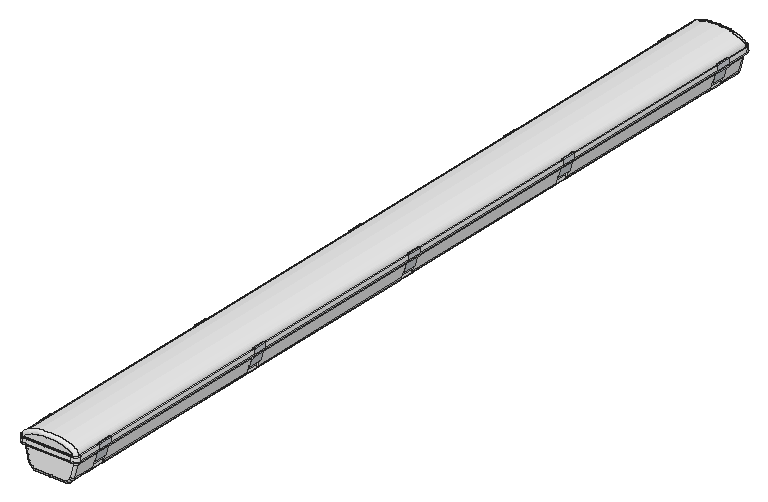
Revit family "0048753 Feilo Sylvania Lighting Fixture SYLPRF SUP LED G3 1500MM T 4K QC D", category Lighting Fixtures, host Face, Revit 2017
Family settings
  Host = Face
  Round Connector Dimension = Use Diameter
  Part Type = Normal
  OmniClass Number = 23.80.70.11.14
  OmniClass Title = General Luminaries, Directional
  Cut with Voids When Loaded = Yes
  Light Source = Yes
  Shared = No
  Room Calculation Point = No
Parameters
  Width = 110 mm
  Weight = "2.48 kg"
  Wattage Comments = "n/a"
  Wattage = 47 W
  WarrantyStartDate [instance] = "n/a"
  WarrantyGuarantorParts = "n/a"
  WarrantyDurationUnit = "n/a"
  WarrantyDurationParts = "n/a"
  WarrantyDescription = "n/a"
  built-in parameter 1150110 = 1 (stored number, unit not read)
  Voltage = 230 V
  URL = "http://www.sylvania-lighting.com"
  TypeName = "SYLPRF SUP LED G3 1500MM T 4K QC D"
  Type Image = <None>
  Type Comments = "n/a"
  built-in parameter 1114217 = 1 (stored number, unit not read)
  Tilt Angle = -90.00°
  built-in parameter 1150109 = 1 (stored number, unit not read)
  built-in parameter 1150134 = 12
  built-in parameter 1150113 = 1 (stored number, unit not read)
  SerialNumber [instance] = "n/a"
  ReflectorMaterial = none
  PowerFactor = 0
  PowerConsumption = "47 W"
  Photometric Web File = "0048753-C.ies"
  NominalWidth = 0 mm
  NominalLength = 1578 mm
  NominalHeight = 78 mm
  Name = "SYLPRF SUP LED G3 1500MM T 4K QC D"
  ModelReference = "SYLPRF SUP LED G3 1500MM T 4K QC D"
  ModelNumber = "0048753"
  Model = "SYLPRF SUP LED G3 1500MM T 4K QC D"
  Material = "polycarbonate housing, polycarbonate diffuser"
  ManufacturerName = "Feilo Sylvania"
  Manufacturer = "Feilo Sylvania"
  LuminousEfficacy = "145 lm/W"
  built-in parameter 1150105 = 542.32 (stored number, unit not read)
  Lumens = 6815 lm
  LuminaireType = "Weatherproof"
  built-in parameter 1150115 = 1 (stored number, unit not read)
  LightOutputRatio = "n/a"
  built-in parameter 1150137 = (empty or 0)
  built-in parameter 1150139 = (empty or 0)
  Length = 1572 mm
  LampsType = Lamp  # "LED"
  LampNominalLuminous = "6800 lm"
  LampMacAdamStep = "3"
  LampColourTemperature = "4000 K"
  LampColourRenderingIndex = "80"
  built-in parameter 1150112 = 1 (stored number, unit not read)
  built-in parameter 1150114 = 1 (stored number, unit not read)
  Lamp = "LED"
  Keynote = "16500"
  InstallationDate [instance] = "n/a"
  InputVoltage = "220-240V~"
  InputNominalFrequency = "DC/50/60 Hz"
  built-in parameter 1150132 = (empty or 0)
  built-in parameter 1150102 = (empty or 0)
  built-in parameter 1150107 = 4000 (stored number, unit not read)
  built-in parameter 1150138 = (empty or 0)
  IngressProtection = "IP65"
  ImpactProtectionIndex = "IK08"
  built-in parameter 1150106 = 5.4232 (stored number, unit not read)
  IfcExportType = "IfcLightFixtureType"
  IfcExportAs = "IfcLightFixtureType"
  ExpectedLife = 50000
  Emit from Rectangle Width = Width - 20 mm  # 90 mm
  Emit from Rectangle Length = Length - 20 mm  # 1552 mm
  Emit Shape Visible in Rendering = no
  ElectricShockClassification = "Class I"
  built-in parameter 1150104 = 13.471 (stored number, unit not read)
  DurationUnit = "hours"
  DocumentationLiterature = "http://www.sylvania-lighting.com/product/en-int/products/0048753"
  DimmingControlOptions = "Dimmable"
  Dimming Lamp Color Temperature Shift = <None>
  DiffuserMaterial = Diffuser-Sylvania-Transparent
  Description = ""
  Default Elevation = 1219.2 mm
  CreatedOn = "11/9/2017"
  CreatedBy = ""
  Cost = 0
  Color Filter = 16777215
  built-in parameter 1114216 [instance] = (empty or 0)
  ClassificationValue = "EF_70_80"
  ClassificationName = "Uniclass2015"
  BodyMaterial = Body-Sylvania-Gray
  BarCode [instance] = "n/a"
  built-in parameter 1114218 = 1 (stored number, unit not read)
  built-in parameter 1150133 = 10 (stored number, unit not read)
  AssetType = "Fixed"
  AssetIdentifier [instance] = "n/a"
  Assembly Code = "D5020200"
  Apparent Load = 47 VA
  AccessoryMaterial = Diffuser-Sylvania-Glow
Reference planes
  plane 1 "Center (Front/Back)": y = 0
  plane 2: z = 0
  plane 3 "Center (Left/Right)": x = 0
  plane 4: z = 54
  plane 5: x = -27.7
  plane 6: x = -34.8
  plane 7: x = -39.6
  plane 8: x = -42.2
  plane 9: z = 3
  plane 10: z = 7.8
  plane 11: z = 12.3
  plane 12: z = 36.6
  plane 13: z = 42.8
  plane 14: x = -51.1
  plane 15: z = 46.2
  plane 16: x = -55
  plane 17: y = 786
  plane 18: y = -786
  plane 19: x = 27.7
  plane 20: x = 34.8
  plane 21: x = 39.6
  plane 22: x = 42.2
  plane 23: x = 51.1
  plane 24: x = 55
  plane 25: y = 778.4
  plane 26: y = -778.4
  plane 27: y = -774.7
  plane 28: y = 774.7
  plane 29: z = 74
  plane 30: x = -51.5
  plane 31: x = 51.5
  plane 32: z = 55.2
  plane 33: y = -782.5
  plane 34: y = 782.5
  plane 35: x = -37.5
  plane 36: x = 37.5
  plane 37: x = -48.7
  plane 38: x = 48.7
  plane 39: x = 18
  plane 40: x = -18
  plane 41: z = 50.2
  plane 42: z = 24.6
  plane 43: y = 720
  plane 44: y = 706
  plane 45: y = 734
  plane 46: y = -720
  plane 47: y = 720
  plane 48: y = 706
  plane 49: y = 734
  plane 50: y = -720
  plane 51: y = -734
  plane 52: y = -706
  plane 53: y = 360
  plane 54: y = 346
  plane 55: y = 374
  plane 56: y = 0
  plane 57: y = -14
  plane 58: y = 14
  plane 59: y = -360
  plane 60: y = -374
  plane 61: y = -346
Forms (mm)
  Sweep 1, solid, material "Body-Sylvania-Gray" <- "BodyMaterial", detail levels medium+fine
    path origin (1223.4, -4572, 54) x (0, -1, 0) y (1, 0, 0)
      loop
        arc (-3796, -1278.4) -> (-3788.929, -1275.471) -> (-3786, -1268.4) r 10
        line (-3786, -1268.4) -> (-3786, -1178.4)
        arc (-3786, -1178.4) -> (-3788.929, -1171.329) -> (-3796, -1168.4) r 10
        line (-3796, -1168.4) -> (-5348, -1168.4)
        arc (-5348, -1168.4) -> (-5355.071, -1171.329) -> (-5358, -1178.4) r 10
        line (-5358, -1178.4) -> (-5358, -1268.4)
        arc (-5358, -1268.4) -> (-5355.071, -1275.471) -> (-5348, -1278.4) r 10
        line (-5348, -1278.4) -> (-3796, -1278.4)
    profile origin (-55, 0, 54) x (-1, 0, 0) y (0, 0, 1)
      loop
        line (0, 0) -> (-1, 0) -> (-1, -7.726)
        arc (-1, -7.726) -> (-1.994, -9.498) -> (-3.9, -10.2) r 2.937
        line (-3.9, -10.2) -> (-8.571, -10.2) -> (-8.571, -11.2) -> (-3.9, -11.2)
        arc (-3.9, -11.2) -> (-1.313, -10.231) -> (0, -7.8) r 3.937
        line (0, -7.8) -> (0, 0)
  Sweep 2, solid, material "Body-Sylvania-Gray" <- "BodyMaterial", detail levels medium+fine
    path origin (0, 0, 0) x (1, 0, 0) y (0, 0, 1)
      loop
        line (48.7, 42.8) -> (48.7, 36.6) -> (42.203, 12.31)
        arc (42.203, 12.31) -> (41.199, 9.884) -> (39.6, 7.8) r 10.052
        line (39.6, 7.8) -> (34.8, 3)
        arc (34.8, 3) -> (31.554, 0.781) -> (27.7, 0) r 9.902
        line (27.7, 0) -> (0, 0) -> (-27.7, 0)
        arc (-27.7, 0) -> (-31.554, 0.781) -> (-34.8, 3) r 9.902
        line (-34.8, 3) -> (-39.6, 7.8)
        arc (-39.6, 7.8) -> (-41.199, 9.884) -> (-42.203, 12.31) r 10.052
        line (-42.203, 12.31) -> (-48.7, 36.6) -> (-48.7, 42.8)
    profile origin (0, 0, 0) x (0, 0, -1) y (0, -1, 0)
      loop
        arc (0, 773.4) -> (-1.464, 776.936) -> (-5, 778.4) r 5
        line (-5, 778.4) -> (-7.8, 778.4) -> (-7.8, -778.4) -> (-5, -778.4)
        arc (-5, -778.4) -> (-1.464, -776.936) -> (0, -773.4) r 5
        line (0, -773.4) -> (0, 773.4)
  Extrusion 3, solid, material "Body-Sylvania-Gray" <- "BodyMaterial", detail levels medium+fine
    sketch origin (1524, 778.4, 1219.2) x (1, 0, 0) y (0, 0, 1)
      loop
        arc (-1558.668, -1204.874) -> (-1558.443, -1205.418) -> (-1558.085, -1205.885) r 2.252
        line (-1558.085, -1205.885) -> (-1553.231, -1210.738)
        arc (-1553.231, -1210.738) -> (-1552.534, -1211.227) -> (-1551.7, -1211.4) r 2.102
        line (-1551.7, -1211.4) -> (-1496.3, -1211.4)
        arc (-1496.3, -1211.4) -> (-1495.466, -1211.227) -> (-1494.769, -1210.738) r 2.102
        line (-1494.769, -1210.738) -> (-1489.915, -1205.885)
        arc (-1489.915, -1205.885) -> (-1489.557, -1205.418) -> (-1489.332, -1204.874) r 2.252
        line (-1489.332, -1204.874) -> (-1483.1, -1181.575) -> (-1483.1, -1176.4) -> (-1564.9, -1176.4) -> (-1564.9, -1181.575) -> (-1558.668, -1204.874)
    from 0 to 1556.8
  Sweep 4, solid, material "Diffuser-Sylvania-Transparent" <- "DiffuserMaterial", detail levels medium+fine
    path origin (0, 0, 0) x (1, 0, 0) y (0, 0, 1)
      loop
        spline (-51.5, 55.2) -> (-49.745, 60.066) -> (-44.6, 64.6) -> (-36.416, 68.494) -> (-25.75, 71.481) -> (-13.329, 73.359) -> (0, 74) -> (13.329, 73.359) -> (25.75, 71.481) -> (36.416, 68.494) -> (44.6, 64.6) -> (49.745, 60.066) -> (51.5, 55.2)
    profile origin (51.5, 0, 55.2) x (0, -1, 0) y (1, 0, 0)
      loop
        arc (782.5, -5.5) -> (780.889, -1.611) -> (777, 0) r 5.5
        line (777, 0) -> (-777, 0)
        arc (-777, 0) -> (-780.889, -1.611) -> (-782.5, -5.5) r 5.5
        line (-782.5, -5.5) -> (-782.5, -6.3) -> (-781.5, -6.3) -> (-781.5, -5.5)
        arc (-781.5, -5.5) -> (-780.182, -2.318) -> (-777, -1) r 4.5
        line (-777, -1) -> (777, -1)
        arc (777, -1) -> (780.182, -2.318) -> (781.5, -5.5) r 4.5
        line (781.5, -5.5) -> (781.5, -6.347) -> (782.5, -6.347) -> (782.5, -5.5)
  Extrusion 5, solid, material "Diffuser-Sylvania-Transparent" <- "DiffuserMaterial", detail levels medium+fine
    sketch origin (1524, -782.5, 1219.2) x (1, 0, 0) y (0, 0, 1)
      loop
        line (-1569.653, -1164) -> (-1478.347, -1164)
        spline (-1478.347, -1164) -> (-1478.969, -1162.594) -> (-1482.527, -1159.545) -> (-1489.588, -1156.201) -> (-1499.458, -1153.445) -> (-1511.242, -1151.663) -> (-1524, -1151.049) -> (-1536.758, -1151.663) -> (-1548.542, -1153.445) -> (-1558.412, -1156.201) -> (-1565.473, -1159.545) -> (-1569.031, -1162.594) -> (-1569.653, -1164)
    from 0 to -1
  Extrusion 6, solid, material "Diffuser-Sylvania-Transparent" <- "DiffuserMaterial", detail levels medium+fine
    sketch origin (1524, 782.5, 1219.2) x (1, 0, 0) y (0, 0, 1)
      loop
        spline (-1478.3, -1164) -> (-1478.931, -1162.565) -> (-1482.502, -1159.505) -> (-1489.572, -1156.155) -> (-1499.446, -1153.394) -> (-1511.236, -1151.614) -> (-1524, -1151.007) -> (-1536.764, -1151.614) -> (-1548.554, -1153.394) -> (-1558.428, -1156.155) -> (-1565.498, -1159.505) -> (-1569.069, -1162.565) -> (-1569.7, -1164)
        line (-1569.7, -1164) -> (-1478.3, -1164)
    from 0 to 1
  Extrusion 7, solid, material "Diffuser-Sylvania-Transparent" <- "DiffuserMaterial", detail levels medium+fine
    sketch origin (1223.4, -4572, 55.2) x (0, -1, 0) y (-1, 0, 0)
      loop
        arc (-5353.5, 1177.4) -> (-5352.182, 1174.218) -> (-5349, 1172.9) r 4.5
        line (-5349, 1172.9) -> (-3795, 1172.9)
        arc (-3795, 1172.9) -> (-3791.818, 1174.218) -> (-3790.5, 1177.4) r 4.5
        line (-3790.5, 1177.4) -> (-3790.5, 1269.4)
        arc (-3790.5, 1269.4) -> (-3791.818, 1272.582) -> (-3795, 1273.9) r 4.5
        line (-3795, 1273.9) -> (-5349, 1273.9)
        arc (-5349, 1273.9) -> (-5352.182, 1272.582) -> (-5353.5, 1269.4) r 4.5
        line (-5353.5, 1269.4) -> (-5353.5, 1177.4)
      loop
        line (-5358, 1268.4) -> (-5358, 1178.4)
        arc (-5358, 1178.4) -> (-5355.071, 1171.329) -> (-5348, 1168.4) r 10
        line (-5348, 1168.4) -> (-3796, 1168.4)
        arc (-3796, 1168.4) -> (-3788.929, 1171.329) -> (-3786, 1178.4) r 10
        line (-3786, 1178.4) -> (-3786, 1268.4)
        arc (-3786, 1268.4) -> (-3788.929, 1275.471) -> (-3796, 1278.4) r 10
        line (-3796, 1278.4) -> (-5348, 1278.4)
        arc (-5348, 1278.4) -> (-5355.071, 1275.471) -> (-5358, 1268.4) r 10
    from 0 to 1.2
  Extrusion 8, solid, material "Diffuser-Sylvania-Glow" <- "AccessoryMaterial", detail levels fine
    sketch origin (0, 0, 0) x (1, 0, 0) y (0, 0, 1)
      loop
        circle (-18, 50.2) r 8
      loop
        circle (18, 50.2) r 8
    from -774.7 to 774.7
  Extrusion 9, void
    sketch origin (0, 720, 2343.807) x (0, 0, -1) y (-1, 0, 0)
      loop
        line (2340.807, -37.5) -> (2331.507, -37.5) -> (2319.207, -42.2) -> (2319.207, -48.7) -> (2340.807, -48.7) -> (2340.807, -37.5)
      loop
        line (2340.807, 37.5) -> (2340.807, 48.7) -> (2319.207, 48.7) -> (2319.207, 42.2) -> (2331.507, 37.5) -> (2340.807, 37.5)
    from -14 to 14
  Extrusion 10, solid, material "Body-Sylvania-Gray" <- "BodyMaterial", detail levels coarse
    sketch origin (0, 0, 0) x (1, 0, 0) y (0, 0, 1)
      loop
        line (55, 42.8) -> (55, 55.2) -> (-55, 55.2) -> (-55, 42.791) -> (-42.2, 0) -> (42.2, 0) -> (55, 42.8)
    from -786 to 786
  Extrusion 11, solid, material "Diffuser-Sylvania-Transparent" <- "DiffuserMaterial", detail levels coarse
    sketch origin (0, 0, 0) x (1, 0, 0) y (0, 0, 1)
      loop
        arc (51.5, 55.2) -> (0, 74) -> (-51.5, 55.2) r 79.939
        line (-51.5, 55.2) -> (51.5, 55.2)
    from 778.4 to -778.4
  Extrusion 12, void, not visible
    sketch origin (0, 720, 2343.807) x (0, 0, -1) y (-1, 0, 0)
      loop
        line (2340.807, -37.5) -> (2331.507, -37.5) -> (2319.207, -42.2) -> (2319.207, -48.7) -> (2340.807, -48.7) -> (2340.807, -37.5)
      loop
        line (2340.807, 37.5) -> (2340.807, 48.7) -> (2319.207, 48.7) -> (2319.207, 42.2) -> (2331.507, 37.5) -> (2340.807, 37.5)
    from -14 to 14
  Extrusion 13, void
    sketch origin (0, -720, 2343.807) x (0, 0, -1) y (-1, 0, 0)
      loop
        line (2340.807, -37.5) -> (2331.507, -37.5) -> (2319.207, -42.2) -> (2319.207, -48.7) -> (2340.807, -48.7) -> (2340.807, -37.5)
      loop
        line (2340.807, 37.5) -> (2340.807, 48.7) -> (2319.207, 48.7) -> (2319.207, 42.2) -> (2331.507, 37.5) -> (2340.807, 37.5)
    from -14 to 14
  Extrusion 14, void
    sketch origin (0, 360, 2343.807) x (0, 0, -1) y (-1, 0, 0)
      loop
        line (2340.807, -37.5) -> (2331.507, -37.5) -> (2319.207, -42.2) -> (2319.207, -48.7) -> (2340.807, -48.7) -> (2340.807, -37.5)
      loop
        line (2340.807, 37.5) -> (2340.807, 48.7) -> (2319.207, 48.7) -> (2319.207, 42.2) -> (2331.507, 37.5) -> (2340.807, 37.5)
    from -14 to 14
  Extrusion 15, void
    sketch origin (0, 0, 2343.807) x (0, 0, -1) y (-1, 0, 0)
      loop
        line (2340.807, -37.5) -> (2331.507, -37.5) -> (2319.207, -42.2) -> (2319.207, -48.7) -> (2340.807, -48.7) -> (2340.807, -37.5)
      loop
        line (2340.807, 37.5) -> (2340.807, 48.7) -> (2319.207, 48.7) -> (2319.207, 42.2) -> (2331.507, 37.5) -> (2340.807, 37.5)
    from -14 to 14
  Extrusion 16, void
    sketch origin (0, -360, 2343.807) x (0, 0, -1) y (-1, 0, 0)
      loop
        line (2340.807, -37.5) -> (2331.507, -37.5) -> (2319.207, -42.2) -> (2319.207, -48.7) -> (2340.807, -48.7) -> (2340.807, -37.5)
      loop
        line (2340.807, 37.5) -> (2340.807, 48.7) -> (2319.207, 48.7) -> (2319.207, 42.2) -> (2331.507, 37.5) -> (2340.807, 37.5)
    from -14 to 14
Cuts and joins
  Extrusion 9, Extrusion 13, Extrusion 14, Extrusion 15, Extrusion 16 cuts Sweep 2
  Extrusion 13, Extrusion 14, Extrusion 15, Extrusion 16 cuts Extrusion 3
  joined: Sweep 2, Extrusion 3
  joined: Sweep 4, Extrusion 5, Extrusion 6
Dimensions and locks
  locked: plane 4 to plane 2 at 54
  plane 5 to plane 6 to plane 7 to plane 8 to plane 14 to plane 16 = 7.1 mm locked, 4.8 mm locked, 2.6 mm locked, 8.9 mm, 3.9 mm
  plane 4 to plane 15 to plane 13 to plane 12 to plane 11 to plane 10 to plane 9 = 7.8 mm locked, 3.4 mm, 6.2 mm locked, 24.3 mm locked, 4.5 mm locked, 4.8 mm locked
  equal spacing: plane 18, plane 1 "Center (Front/Back)", plane 17
  "Length": plane 18 to plane 17
  plane 19 to plane 20 to plane 21 to plane 22 to plane 23 to plane 24 = 7.1 mm locked, 4.8 mm locked, 2.6 mm locked, 8.9 mm, 3.9 mm
  equal spacing: plane 24, plane 3 "Center (Left/Right)", plane 16
  "Width": plane 24 to plane 16
  equal spacing: plane 27, plane 1 "Center (Front/Back)", plane 28
  locked: plane 26 to plane 27 at 3.7
  locked: Sweep 1 sketch curve to profile plane at 1
  locked: Sweep 1 sketch curve to plane 13 at 1
  locked: Sweep 1 sketch curve to plane 13 at 3.937  (x2)
  locked: Sweep 1 sketch curve to profile plane at 3.9  (x2)
  locked: plane 29 to plane 4 at 20
  equal spacing: plane 31, plane 3 "Center (Left/Right)", plane 30
  locked: plane 30 to plane 16 at 3.5
  locked: plane 32 to plane 4 at 1.2
  equal spacing: plane 33, plane 1 "Center (Front/Back)", plane 34
  equal spacing: plane 36, plane 3 "Center (Left/Right)", plane 35
  locked: plane 3 "Center (Left/Right)" to plane 35 at 37.5
  locked: plane 34 to plane 17 at 3.5
  equal spacing: plane 38, plane 3 "Center (Left/Right)", plane 37
  locked: plane 37 to plane 16 at 6.3
  equal spacing: plane 25, plane 1 "Center (Front/Back)", plane 26
  locked: plane 17 to plane 25 at 7.6
  locked: Sweep 2 sketch curve to plane 2 at 5  (x2)
  locked: Sweep 2 sketch curve to plane 26 at 5
  locked: plane 25 to Sweep 2 sketch curve at 5
  locked: Sweep 4 sketch curve to plane 31 at 5.5  (x2)
  locked: Sweep 4 sketch curve to plane 34 at 5.5
  plane 33 to Sweep 4 sketch curve = 5.5 mm
  locked: plane 34 to Sweep 4 sketch curve at 1
  locked: Sweep 4 sketch curve to plane 31 at 1
  locked: Sweep 4 sketch curve to Sweep 4 sketch curve at 1
  locked: Sweep 4 sketch curve to plane 31 at 6.347
  locked: Sweep 4 sketch curve to plane 31 at 6.3
  equal spacing: plane 39, plane 3 "Center (Left/Right)", plane 40
  locked: plane 3 "Center (Left/Right)" to plane 40 at 18
  locked: plane 42 to plane 2 at 24.6
  plane 45 to plane 43 to plane 44 = 14 mm locked, 14 mm locked
  locked: plane 17 to plane 43 at 66
  equal spacing: plane 43, plane 1 "Center (Front/Back)", plane 46
  plane 49 to plane 47 to plane 48 = 14 mm locked, 14 mm locked
  plane 52 to plane 50 to plane 51 = 14 mm locked, 14 mm locked  (x2)
  equal spacing: group 1, group 6, group 7, group 8, group 5  (x2)
  equal spacing: group 5, group 8, group 7, group 6, group 1
  plane 55 to plane 53 to plane 54 = 14 mm locked, 14 mm locked  (x2)
  plane 58 to plane 56 to plane 57 = 14 mm locked, 14 mm locked  (x2)
  plane 61 to plane 59 to plane 60 = 14 mm locked, 14 mm locked  (x2)
  plane 43 to plane 53 to plane 1 "Center (Front/Back)" to plane 59 to plane 50 = 360 mm locked, 360 mm locked, 360 mm locked, 360 mm locked
  aligned and locked: plane 2 to host face
  aligned and locked: level to host face
  aligned and locked: plane 16 to Sweep 1 sketch curve
  aligned and locked: Sweep 1 sketch curve to plane 24
  aligned and locked: plane 18 to Sweep 1 sketch curve
  aligned and locked: Sweep 1 sketch curve to plane 13
  aligned and locked: profile plane to Sweep 1 sketch curve
  aligned and locked: plane 3 "Center (Left/Right)" to Sweep 2 sketch curve
  aligned and locked: plane 9 to Sweep 2 sketch curve
  aligned and locked: plane 10 to Sweep 2 sketch curve
  aligned and locked: plane 37 to Sweep 2 sketch curve
  aligned and locked: plane 12 to Sweep 2 sketch curve
  aligned and locked: Sweep 2 sketch curve to level
  aligned and locked: plane 21 to Sweep 2 sketch curve
  aligned and locked: plane 38 to Sweep 2 sketch curve
  aligned and locked: profile plane to Sweep 2 sketch curve
  aligned and locked: plane 25 to Sweep 2 sketch curve
  aligned and locked: Sweep 2 sketch curve to plane 10
  aligned and locked: Extrusion 3 sketch curve to Sweep 2  (x7)
  aligned and locked: Sweep 2 to Extrusion 3 sketch curve
  aligned and locked: Extrusion 3 to plane 25
  aligned and locked: plane 26 to Extrusion 3
  aligned and locked: plane 32 to Sweep 4 sketch curve
  aligned and locked: plane 33 to Sweep 4 sketch curve
  aligned and locked: Sweep 4 to Extrusion 5
  aligned and locked: plane 33 to Extrusion 5
  aligned and locked: Extrusion 5 sketch curve to Sweep 4
  aligned and locked: cut or joined group of Sweep 4, Extrusion 5, Extrusion 6 to Extrusion 6 sketch curve
  aligned and locked: Extrusion 7 sketch curve to cut or joined group of Sweep 4, Extrusion 5, Extrusion 6  (x2)
  aligned and locked: cut or joined group of Sweep 4, Extrusion 5, Extrusion 6 to Extrusion 7 sketch curve  (x2)
  aligned and locked: plane 41 to Extrusion 8 sketch curve  (x2)
  aligned and locked: plane 39 to Extrusion 8 sketch curve
  aligned and locked: plane 27 to Extrusion 8
  aligned and locked: Extrusion 8 to plane 28
  aligned and locked: Extrusion 9 to plane 42
  aligned and locked: plane 9 to Extrusion 9
  aligned and locked: plane 44 to Extrusion 9
  aligned and locked: Extrusion 9 to plane 45
  aligned and locked: Extrusion 7 sketch curve to Sweep 1  (x4)
  aligned and locked: plane 4 to Extrusion 7
  aligned and locked: Extrusion 7 to plane 32
  aligned and locked: nested 2 to plane 43
  aligned and locked: plane 43 to nested 1
  aligned and locked: Extrusion 10 sketch curve to plane 24
  aligned and locked: Extrusion 10 sketch curve to Extrusion 7
  aligned and locked: plane 8 to Extrusion 10 sketch curve
  aligned and locked: plane 22 to Extrusion 10 sketch curve
  aligned and locked: level to Extrusion 10 sketch curve
  aligned and locked: Extrusion 10 to plane 17
  aligned and locked: plane 18 to Extrusion 10
  aligned and locked: cut or joined group of Sweep 4, Extrusion 5, Extrusion 6 to Extrusion 11 sketch curve
  aligned and locked: Extrusion 11 sketch curve to cut or joined group of Sweep 4, Extrusion 5, Extrusion 6  (x2)
  aligned and locked: plane 31 to Extrusion 11 sketch curve
  aligned and locked: plane 30 to Extrusion 11 sketch curve
  aligned and locked: plane 26 to Extrusion 11
  aligned and locked: Extrusion 11 to plane 25
  aligned and locked: imposter light to plane 29
  aligned and locked: plane 3 "Center (Left/Right)" to imposter light
  aligned and locked: plane 1 "Center (Front/Back)" to imposter light
  aligned and locked: plane 51 to Extrusion 13
  aligned and locked: Extrusion 13 to plane 52
  aligned and locked: plane 54 to Extrusion 14
  aligned and locked: Extrusion 14 to plane 55
  aligned and locked: plane 57 to Extrusion 15
  aligned and locked: Extrusion 15 to plane 58
  aligned and locked: plane 60 to Extrusion 16
  aligned and locked: Extrusion 16 to plane 61
  aligned and locked: nested 3 to plane 53
  aligned and locked: plane 53 to nested 10
  aligned and locked: nested 4 to plane 56
  aligned and locked: plane 56 to nested 9
  aligned and locked: nested 5 to plane 59
  aligned and locked: plane 59 to nested 8
  aligned and locked: nested 6 to plane 50
  aligned and locked: plane 50 to nested 7
Automatic sketch dimensions
  host sketch curve to host sketch curve = 2438.4 mm  (x2)
  plane 17 to Sweep 1 sketch curve = 0 mm
  Sweep 1 sketch curve to plane 28 = 1.3 mm
  Sweep 1 sketch curve to plane 7 = 5.4 mm
  plane 27 to Sweep 1 sketch curve = 1.3 mm  (x2)
  Sweep 1 sketch curve to Sweep 1 sketch curve = 4.671 mm
  Sweep 1 sketch curve to plane 4 = 0 mm
  Sweep 2 sketch curve to plane 7 = 0 mm
  Sweep 2 sketch curve to plane 6 = 0 mm
  Sweep 2 sketch curve to plane 5 = 0 mm
  plane 19 to Sweep 2 sketch curve = 0 mm
  Sweep 2 sketch curve to plane 9 = 0 mm
  plane 20 to Sweep 2 sketch curve = 0 mm
  Sweep 2 sketch curve to plane 12 = 0 mm
  Sweep 2 sketch curve to plane 10 = 0 mm
  Sweep 2 sketch curve to plane 13 = 0 mm  (x2)
  Sweep 2 sketch curve to plane 8 = 0.003 mm
  plane 6 to Sweep 2 sketch curve = 2.308 mm
  plane 20 to Sweep 2 sketch curve = 2.308 mm
  Sweep 2 sketch curve to plane 22 = 0.003 mm
  Sweep 2 sketch curve to plane 11 = 0.01 mm  (x2)
  Extrusion 3 sketch curve to plane 5 = 0 mm
  plane 19 to Extrusion 3 sketch curve = 0 mm
  plane 6 to Extrusion 3 sketch curve = 0.132 mm
  plane 6 to Extrusion 3 sketch curve = 0.715 mm
  Extrusion 3 sketch curve to Extrusion 3 sketch curve = 1.592 mm
  Extrusion 3 sketch curve to plane 10 = 0.662 mm  (x2)
  plane 20 to Extrusion 3 sketch curve = 2.308 mm
  plane 20 to Extrusion 3 sketch curve = 0.715 mm
  plane 20 to Extrusion 3 sketch curve = 0.132 mm
  Sweep 4 sketch curve to plane 30 = 0 mm
  Sweep 4 sketch curve to plane 3 "Center (Left/Right)" = 0 mm
  Sweep 4 sketch curve to Sweep 4 sketch curve = 0 mm  (x2)
  plane 37 to Extrusion 5 sketch curve = 3.047 mm
  Extrusion 5 sketch curve to plane 38 = 3.047 mm
  plane 37 to Extrusion 6 sketch curve = 3 mm
  Extrusion 6 sketch curve to plane 38 = 3 mm
  plane 25 to Extrusion 7 sketch curve = 1.4 mm  (x2)
  Extrusion 7 sketch curve to plane 26 = 1.4 mm  (x2)
  Extrusion 8 sketch curve to plane 40 = 0 mm
  Extrusion 9 sketch curve to Extrusion 9 sketch curve = 0 mm
  Extrusion 9 sketch curve to Extrusion 9 sketch curve = 12.3 mm  (x2)
  Extrusion 9 sketch curve to Extrusion 9 sketch curve = 9.3 mm  (x2)
  Extrusion 9 sketch curve to Extrusion 9 sketch curve = 6.5 mm
  Extrusion 9 sketch curve to Extrusion 9 sketch curve = 4.7 mm  (x2)
  Extrusion 9 sketch curve to Extrusion 9 sketch curve = 75 mm
  Extrusion 9 sketch curve to Extrusion 9 sketch curve = 11.2 mm
  Extrusion 10 sketch curve to plane 13 = 0 mm
  plane 13 to Extrusion 10 sketch curve = 0.009 mm
  Extrusion 11 sketch curve to level = 5.939 mm
  Extrusion 10 sketch curve to plane 16 = 0 mm
  Extrusion 12 sketch curve to Extrusion 12 sketch curve = 0 mm
  Extrusion 12 sketch curve to Extrusion 12 sketch curve = 12.3 mm  (x2)
  Extrusion 12 sketch curve to Extrusion 12 sketch curve = 9.3 mm  (x2)
  Extrusion 12 sketch curve to Extrusion 12 sketch curve = 6.5 mm
  Extrusion 12 sketch curve to Extrusion 12 sketch curve = 4.7 mm  (x2)
  Extrusion 12 sketch curve to Extrusion 12 sketch curve = 75 mm
  Extrusion 12 sketch curve to Extrusion 12 sketch curve = 11.2 mm
  Extrusion 13 sketch curve to Extrusion 13 sketch curve = 0 mm
  Extrusion 13 sketch curve to Extrusion 13 sketch curve = 12.3 mm  (x2)
  Extrusion 13 sketch curve to Extrusion 13 sketch curve = 9.3 mm  (x2)
  Extrusion 13 sketch curve to Extrusion 13 sketch curve = 6.5 mm
  Extrusion 13 sketch curve to Extrusion 13 sketch curve = 4.7 mm  (x2)
  Extrusion 13 sketch curve to Extrusion 13 sketch curve = 75 mm
  Extrusion 13 sketch curve to Extrusion 13 sketch curve = 11.2 mm
  Extrusion 14 sketch curve to Extrusion 14 sketch curve = 0 mm
  Extrusion 14 sketch curve to Extrusion 14 sketch curve = 12.3 mm  (x2)
  Extrusion 14 sketch curve to Extrusion 14 sketch curve = 9.3 mm  (x2)
  Extrusion 14 sketch curve to Extrusion 14 sketch curve = 6.5 mm
  Extrusion 14 sketch curve to Extrusion 14 sketch curve = 4.7 mm  (x2)
  Extrusion 14 sketch curve to Extrusion 14 sketch curve = 75 mm
  Extrusion 14 sketch curve to Extrusion 14 sketch curve = 11.2 mm
  Extrusion 15 sketch curve to Extrusion 15 sketch curve = 0 mm
  Extrusion 15 sketch curve to Extrusion 15 sketch curve = 12.3 mm  (x2)
  Extrusion 15 sketch curve to Extrusion 15 sketch curve = 9.3 mm  (x2)
  Extrusion 15 sketch curve to Extrusion 15 sketch curve = 6.5 mm
  Extrusion 15 sketch curve to Extrusion 15 sketch curve = 4.7 mm  (x2)
  Extrusion 15 sketch curve to Extrusion 15 sketch curve = 75 mm
  Extrusion 15 sketch curve to Extrusion 15 sketch curve = 11.2 mm
  Extrusion 16 sketch curve to Extrusion 16 sketch curve = 0 mm
  Extrusion 16 sketch curve to Extrusion 16 sketch curve = 12.3 mm  (x2)
  Extrusion 16 sketch curve to Extrusion 16 sketch curve = 9.3 mm  (x2)
  Extrusion 16 sketch curve to Extrusion 16 sketch curve = 6.5 mm
  Extrusion 16 sketch curve to Extrusion 16 sketch curve = 4.7 mm  (x2)
  Extrusion 16 sketch curve to Extrusion 16 sketch curve = 75 mm
  Extrusion 16 sketch curve to Extrusion 16 sketch curve = 11.2 mm
  radius of Extrusion 8 sketch curve = 8 mm  (x2)
Nested families
  nested 1: "Clip" at (42.2, 720, 24.6), type "Clip", detail levels fine
  nested 2: "Clip" at (-42.2, 720, 24.6) x (-1, 0, 0) z (0, 0, 1), type "Clip", detail levels fine
  nested 3: "Clip" at (-42.2, 360, 24.6) x (-1, 0, 0) z (0, 0, 1), type "Clip", detail levels fine
  nested 4: "Clip" at (-42.2, 0, 24.6) x (-1, 0, 0) z (0, 0, 1), type "Clip", detail levels fine
  nested 5: "Clip" at (-42.2, -360, 24.6) x (-1, 0, 0) z (0, 0, 1), type "Clip", detail levels fine
  nested 6: "Clip" at (-42.2, -720, 24.6) x (-1, 0, 0) z (0, 0, 1), type "Clip", detail levels fine
  nested 7: "Clip" at (42.2, -720, 24.6), type "Clip", detail levels fine
  nested 8: "Clip" at (42.2, -360, 24.6), type "Clip", detail levels fine
  nested 9: "Clip" at (42.2, 0, 24.6), type "Clip", detail levels fine
  nested 10: "Clip" at (42.2, 360, 24.6), type "Clip", detail levels fine
Connectors
  electrical at (0, 0, 0), driven by "Apparent Load"
    settings: index 1, voltage 230 V, apparent load 47 VA, apparent load phase1 0 VA, apparent load phase2 0 VA, apparent load phase3 0 VA, power factor 0, load classification "Lighting", number of poles 1, system type 30, power factor state 1, is connector primary yes, connector utility no, sub classification motor no, connector description ""
Definition of nested family "Clip"
  Parameters (values of type "Clip")
    URL = "http://www.feilosylvania.com"
    Type Comments = "n/a"
    Model = "n/a"
    Manufacturer = "Feilo Sylvania"
    Keynote = "n/a"
    Description = "n/a"
    Default Elevation = 1219.2 mm
    Cost = 0
    BodyMaterial = none
    Assembly Code = "n/a"
  Reference planes
    plane 1 "Center (Front/Back)": y = 0
    plane 2: z = 0
    plane 3 "Center (Left/Right)": x = 0
    plane 4: x = 3.3
    plane 5: x = 6.5
    plane 6: x = 8.9
    plane 7: x = 12.8
    plane 8: z = 12
    plane 9: z = 18.2
    plane 10: z = 21.6
    plane 11: z = 30.6
    plane 12: x = 9.3
    plane 13: z = 19.2
    plane 14: z = 16.2
    plane 15: x = 10.1
    plane 16: y = 12
    plane 17: y = -12
  Forms (mm)
    Extrusion 1, solid
      sketch origin (-0.8, 0, 0) x (1, 0, 0) y (0, 1, 0)
        loop
          line (-1219.2, 1219.2) -> (-1219.2, -1219.2) -> (1219.2, -1219.2) -> (1219.2, 1219.2) -> (-1219.2, 1219.2)
      from 0 to -304.8
    Extrusion 2, solid
      sketch origin (0, 0, 0) x (1, 0, 0) y (0, 0, 1)
        loop
          line (8.9, 16.2) -> (4.58, 0) -> (0, 0) -> (0, -0.8) -> (5.195, -0.8) -> (9.603, 15.731) -> (13.6, 18.806) -> (13.6, 30.6)
          arc (13.6, 30.6) -> (11.45, 32.75) -> (9.3, 30.6) r 2.15
          line (9.3, 30.6) -> (10.1, 30.6)
          arc (10.1, 30.6) -> (11.45, 31.95) -> (12.8, 30.6) r 1.35
          line (12.8, 30.6) -> (12.8, 19.2) -> (8.9, 16.2)
      from -12 to 12
  Lines and regions (mm)
    reference lines
      curve 1: line (3.3, 0, 0) -> (6.5, 0, 12)
      curve 2: arc (8.9, 0, 18.2) -> (11.488, 0, 19.169) -> (12.8, 0, 21.6) r 3.934
  Dimensions and locks
    plane 7 to plane 6 to plane 5 to plane 4 to plane 3 "Center (Left/Right)" = 3.9 mm locked, 2.4 mm locked, 3.2 mm locked, 3.3 mm locked
    plane 11 to plane 10 to plane 9 to plane 8 to plane 2 = 9 mm locked, 3.4 mm locked, 6.2 mm locked, 12 mm locked
    locked: plane 7 to plane 12 at 3.5
    locked: plane 13 to plane 9 at 1
    locked: plane 9 to plane 14 at 2
    locked: plane 15 to plane 12 at 0.8
    locked: plane 2 to Extrusion 2 sketch curve at 0.8
    locked: Extrusion 2 sketch curve to Extrusion 2 sketch curve at 0.8  (x3)
    locked: plane 7 to Extrusion 2 sketch curve at 1.35
    equal spacing: plane 17, plane 1 "Center (Front/Back)", plane 16
    locked: plane 1 "Center (Front/Back)" to plane 16 at 12
    aligned and locked: plane 2 to Extrusion 1
    aligned and locked: level to Extrusion 1
    aligned and locked: plane 4 to curve 1
    aligned and locked: plane 5 to curve 1
    aligned and locked: plane 6 to curve 2
    aligned and locked: plane 10 to curve 2
    aligned and locked: plane 14 to Extrusion 2 sketch curve
    aligned and locked: plane 13 to Extrusion 2 sketch curve
    aligned and locked: plane 7 to Extrusion 2 sketch curve
    aligned and locked: plane 3 "Center (Left/Right)" to Extrusion 2 sketch curve
    aligned and locked: Extrusion 2 sketch curve to level
    aligned and locked: Extrusion 2 sketch curve to plane 11
    aligned and locked: plane 11 to Extrusion 2 sketch curve
    aligned and locked: Extrusion 2 to plane 16
    aligned and locked: plane 17 to Extrusion 2
  Automatic sketch dimensions
    Extrusion 1 sketch curve to Extrusion 1 sketch curve = 2438.4 mm  (x2)
    curve 2 to plane 7 = 0 mm
    curve 1 to level = 0 mm
    curve 1 to plane 8 = 0 mm
    curve 2 to plane 9 = 0 mm
    plane 6 to curve 2 = 0.002 mm
    Extrusion 2 sketch curve to Extrusion 2 sketch curve = 0 mm
    Extrusion 2 sketch curve to plane 6 = 0 mm
    plane 4 to Extrusion 2 sketch curve = 1.28 mm
